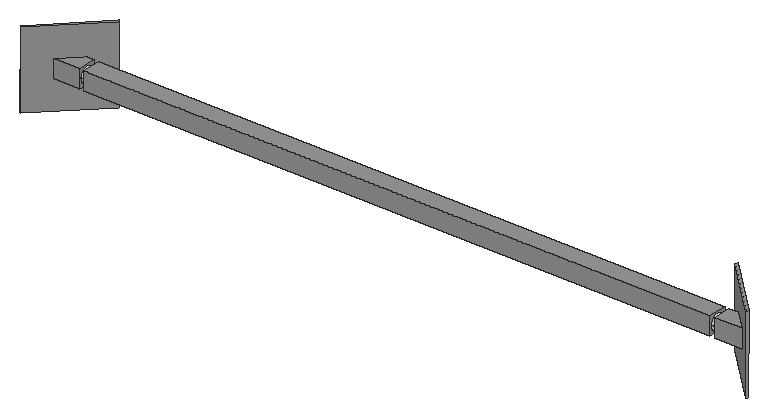
Revit family "LeeSti Corner", category Lighting Fixtures, Revit 2017
Family settings
  Round Connector Dimension = Use Diameter
  Part Type = Normal
  OmniClass Number = 23.80.70.00
  OmniClass Title = Lighting
  Work Plane-Based = No
  Always vertical = Yes
  Cut with Voids When Loaded = No
  Light Source = Yes
  Shared = No
  Room Calculation Point = No
Parameters (values of type "3ft nominal")
  Wattage = 16.1571 W
  built-in parameter 1150110 = 1 (stored number, unit not read)
  built-in parameter 1114217 = 1 (stored number, unit not read)
  built-in parameter 1150109 = 1 (stored number, unit not read)
  built-in parameter 1150134 = (empty or 0)
  built-in parameter 1150113 = 1 (stored number, unit not read)
  Lumens = 2400 lm
  built-in parameter 1150115 = 1 (stored number, unit not read)
  built-in parameter 1150105 = 763.94 (stored number, unit not read)
  Light Source Symbol Size = LED module  # 2' - 10 1/2"
  built-in parameter 1150137 = (empty or 0)
  built-in parameter 1150139 = (empty or 0)
  built-in parameter 1150112 = 1 (stored number, unit not read)
  built-in parameter 1150114 = 1 (stored number, unit not read)
  LED module = 2' - 10 1/2"
  built-in parameter 1150132 = 2
  built-in parameter 1150102 = (empty or 0)
  built-in parameter 1150138 = (empty or 0)
  built-in parameter 1150107 = 3000 (stored number, unit not read)
  built-in parameter 1150106 = 7.6394 (stored number, unit not read)
  Emit from Line Length = LED module  # 2' - 10 1/2"
  built-in parameter 1150104 = 13.8 (stored number, unit not read)
  Dimming Lamp Color Temperature Shift = <None>
  Color Filter = 16777215
  built-in parameter 1114218 = 1 (stored number, unit not read)
  built-in parameter 1150133 = 10 (stored number, unit not read)
  AngleRightside = 45.00°
  AngleLeftside = 45.00°
Types (8): name | Light Source Symbol Size | LED module | Emit from Line Length
  (no name) | 2' - 10 1/2" | 2' - 10 1/2" | 2' - 10 1/2"
  2ft nominal | 2' - 0" | 2' - 0" | 2' - 0"
  3ft nominal | 2' - 10 1/2" | 2' - 10 1/2" | 2' - 10 1/2"
  4ft nominal | 3' - 10 1/2" | 3' - 10 1/2" | 3' - 10 1/2"
  5ft nominal | 4' - 9" | 4' - 9" | 4' - 9"
  6ft nominal | 5' - 9" | 5' - 9" | 5' - 9"
  7ft nominal | 6' - 7 1/2" | 6' - 7 1/2" | 6' - 7 1/2"
  8ft nominal | 7' - 7 1/2" | 7' - 7 1/2" | 7' - 7 1/2"
Reference planes (in)
  plane 1 "Light Source Axis (F/B)": y = -8.60801
  plane 2: z = 0
  plane 3 "Light Source Axis (L/R)": x = 0
  plane 4 "Light Source Elevation": z = 72
  plane 5: z = 0
  plane 6: z = 73
  plane 7: x = -17.25
  plane 8: x = 17.25
  plane 9: x = -18.01172
  plane 10: x = 17.95
  plane 11: y = -8.10801
  plane 12: z = 74.625
  plane 13: z = 70.375
  plane 14: x = 19.01273
  plane 15: x = -19
Forms (in)
  Extrusion 1, solid, material "Aluminum 6061-O"
    sketch origin (0, 0, 0) x (0, 1, 0) y (0, 0, 1)
      loop
        line (-8.10801, 72) -> (-8.10801, 73) -> (-9.10801, 73) -> (-9.10801, 72) -> (-8.10801, 72)
    from -17.25 to 17.25
  Extrusion 2, void
    sketch origin (0, 0, 0) x (0, 1, 0) y (0, 0, 1)
      loop
        line (-8.17801, 72.5) -> (-9.03801, 72.5) -> (-9.03801, 72) -> (-8.17801, 72) -> (-8.17801, 72.5)
    from -16.73982 to 16.73809
  Extrusion 3, solid, material "Plastic, Opaque White"
    sketch origin (0, 0, 0) x (0, 1, 0) y (0, 0, 1)
      loop
        line (-8.17801, 72.01885) -> (-8.17801, 72.09885) -> (-9.03801, 72.09885) -> (-9.03801, 72.01885) -> (-8.17801, 72.01885)
    from -16.73982 to 16.73809
  Extrusion 4, solid
    sketch origin (0, 0, 0) x (0, 1, 0) y (0, 0, 1)
      loop
        circle (-8.60801, 72.50784) r 0.43
    from 17.25 to 17.51273
  Extrusion 5, solid
    sketch origin (0.01273, 0, 0) x (0, 1, 0) y (0, 0, -1)
      loop
        circle (-8.60801, -72.50784) r 0.43
    from 17.26273 to 17.51273
  Extrusion 6, solid, material "Aluminum 6061-O"
    sketch origin (-33.75, 0, 72) x (0, -1, 0) y (1, 0, 0)
      loop
        line (8.10801, 51.26273) -> (9.10801, 51.26273) -> (9.10801, 52.76273) -> (8.10801, 51.76273) -> (8.10801, 51.26273)
    from 0 to 1
  Extrusion 7, solid, material "Aluminum 6061-O"
    sketch origin (0, 0, 72) x (0, -1, 0) y (1, 0, 0)
      loop
        line (7.10541, 17.01013) -> (10.11062, 20.01533) -> (10.02223, 20.10372) -> (7.01702, 17.09852) -> (7.10541, 17.01013)
    from -1.625 to 2.625
  Extrusion 8, solid, material "Aluminum 6061-O"
    sketch origin (22.5, 0, 72) x (0, -1, 0) y (1, 0, 0)
      loop
        line (8.10801, -40) -> (8.10801, -40.48047) -> (9.10801, -41.48047) -> (9.10801, -40) -> (8.10801, -40)
    from 0 to 1
  Extrusion 9, solid, material "Aluminum 6061-O"
    sketch origin (0, 0, 72) x (0, -1, 0) y (1, 0, 0)
      loop
        line (7.07738, -16.94983) -> (6.98899, -17.03822) -> (9.99419, -20.04343) -> (10.08258, -19.95504) -> (7.07738, -16.94983)
    from -1.625 to 2.625
Cuts and joins
  Extrusion 2 cuts Extrusion 1
Lines and regions (in)
  reference lines
    curve 1: line (-26.69617, -6.52846, 72) -> (22.86554, -6.52846, 72)
Dimensions and locks (in)
  locked: plane 6 to plane 4 "Light Source Elevation" at 1
  equal spacing: plane 8, plane 3 "Light Source Axis (L/R)", plane 7
  "LED module": plane 8 to plane 7
  plane 9 to plane 7 = 0' - 0 195/256"
  locked: plane 8 to plane 10 at 0.7
  locked: plane 11 to plane 1 "Light Source Axis (F/B)" at 0.5
  equal spacing: Extrusion 1 sketch curve, imposter light, Extrusion 1 sketch curve
  locked: cut or joined group of Extrusion 1, Extrusion 2 to cut or joined group of Extrusion 1, Extrusion 2 at 0.51018
  locked: cut or joined group of Extrusion 1, Extrusion 2 to cut or joined group of Extrusion 1, Extrusion 2 at 0.51191
  locked: imposter light to Extrusion 3 sketch curve at 0.01885
  locked: Extrusion 3 sketch curve to Extrusion 3 sketch curve at 0.08
  locked: Extrusion 4 to cut or joined group of Extrusion 1, Extrusion 2 at 0.26273
  locked: plane 7 to Extrusion 5 at 0.25
  locked: Extrusion 4 to Extrusion 6 sketch curve at 0.5
  equal spacing: Extrusion 6 sketch curve, plane 1 "Light Source Axis (F/B)", Extrusion 6 sketch curve
  locked: Extrusion 6 sketch curve to Extrusion 6 sketch curve at 1
  plane 1 "Light Source Axis (F/B)" to Extrusion 6 = 0' - 0 1/2"
  locked: Extrusion 7 sketch curve to Extrusion 7 sketch curve at 0.125
  locked: Extrusion 7 sketch curve to Extrusion 7 sketch curve at 4.25
  locked: plane 12 to cut or joined group of Extrusion 1, Extrusion 2 at 1.625
  locked: plane 4 "Light Source Elevation" to plane 13 at 1.625
  locked: Extrusion 8 sketch curve to Extrusion 8 sketch curve at 1
  locked: Extrusion 9 sketch curve to Extrusion 9 sketch curve at 0.125
  Extrusion 9 sketch curve to Extrusion 9 sketch curve = 0' - 4 1/4"
  locked: plane 8 to plane 14 at 1.76273
  locked: plane 15 to plane 7 at 1.75
  plane 15 to plane 14 = 3' - 2.01273"
  "AngleRightside": angle Extrusion 6 sketch curve to Extrusion 6 sketch curve
  "AngleLeftside": angle Extrusion 8 sketch curve to Extrusion 8 sketch curve
  aligned and locked: plane 3 "Light Source Axis (L/R)" to imposter light
  aligned and locked: plane 1 "Light Source Axis (F/B)" to imposter light
  aligned and locked: plane 4 "Light Source Elevation" to imposter light
  aligned and locked: level to plane 5
  aligned and locked: plane 6 to Extrusion 1 sketch curve
  aligned and locked: Extrusion 1 sketch curve to plane 4 "Light Source Elevation"
  aligned and locked: plane 11 to Extrusion 1 sketch curve
  aligned and locked: Extrusion 2 sketch curve to plane 4 "Light Source Elevation"
  aligned and locked: Extrusion 3 sketch curve to cut or joined group of Extrusion 1, Extrusion 2  (x2)
  aligned and locked: cut or joined group of Extrusion 1, Extrusion 2 to Extrusion 3  (x2)
  aligned and locked: Extrusion 6 sketch curve to Extrusion 4
  aligned and locked: plane 4 "Light Source Elevation" to Extrusion 6
  aligned and locked: plane 6 to Extrusion 6
  aligned and locked: Extrusion 7 sketch curve to Extrusion 6
  aligned and locked: plane 12 to Extrusion 7
  aligned and locked: plane 13 to Extrusion 7
  aligned and locked: Extrusion 8 sketch curve to Extrusion 5
  aligned and locked: plane 11 to Extrusion 8 sketch curve
  aligned and locked: plane 4 "Light Source Elevation" to Extrusion 8
  aligned and locked: plane 6 to Extrusion 8
  aligned and locked: Extrusion 9 sketch curve to Extrusion 8
  aligned and locked: Extrusion 9 to Extrusion 7
  aligned and locked: Extrusion 7 to Extrusion 9
  aligned and locked: Extrusion 1 to plane 7
  aligned and locked: plane 8 to Extrusion 1
  aligned and locked: plane 7 to Extrusion 5
  aligned and locked: Extrusion 4 to plane 8
Automatic sketch dimensions
  plane 11 to curve 1 = 0' - 1.57955"
  curve 1 to plane 9 = 0' - 8.68446"
  plane 10 to curve 1 = 0' - 4.91554"
  plane 1 "Light Source Axis (F/B)" to Extrusion 2 sketch curve = 0' - 0.43"
  Extrusion 2 sketch curve to plane 11 = 0' - 0.07"
  Extrusion 2 sketch curve to plane 4 "Light Source Elevation" = 0' - 0 1/2"
  Extrusion 4 sketch curve to plane 1 "Light Source Axis (F/B)" = 0' - 0"
  Extrusion 4 sketch curve to plane 6 = 0' - 0.49216"
  Extrusion 5 sketch curve to plane 1 "Light Source Axis (F/B)" = 0' - 0"
  Extrusion 5 sketch curve to plane 6 = 0' - 0.49216"
  Extrusion 7 sketch curve to plane 8 = 0' - 0.15148"
  plane 7 to Extrusion 9 sketch curve = 0' - 0.21178"
  plane 9 to Extrusion 8 sketch curve = 0' - 0 1/32"
  radius of Extrusion 4 sketch curve = 0' - 0.43"
  radius of Extrusion 5 sketch curve = 0' - 0.43"
